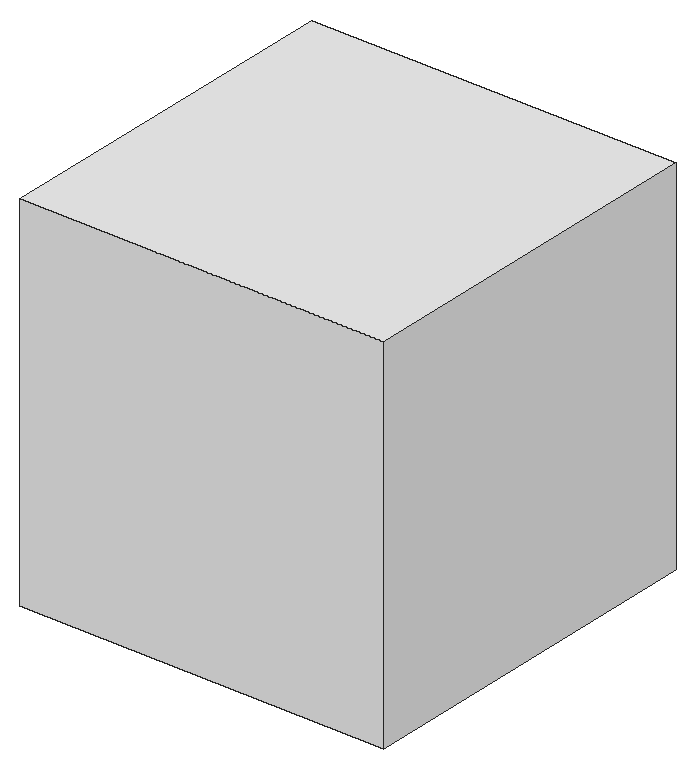
Revit family "Platek_Mini One_Downlight", category Apparecchi per illuminazione, Revit 2017
Family settings
  Quota connettore circolare = Usa diametro
  Tipo di parte = Normale
  Basato su piano di lavoro = No
  Sempre verticale = Sì
  Taglio con vuoti quando caricato = No
  Sorgente d'illuminazione = Sì
  Condiviso = No
  Punto di calcolo locali = No
Parameters (values of type "1011615_7.8W_LED_3000K_Sanblasted glass")
  Wattage = 2.915 W
  Variazione temperatura colore lampada con luminosità attenuata = <Nessuno>
  URL = "www.platek.eu"
  built-in parameter 1150107 = 3000 (stored number, unit not read)
  Supply Voltage Min = 220 V
  Supply Voltage Max = 240 V
  Supply Voltage = 230 V
  Rendi la forma visibile nel rendering = no
  Produttore = "PLATEK SRL"  # constant formula
  Product Page URL = "http://www.platek.eu/ita/catalogo.php?catseaname=1011615"
  Product Documentation Link = "http://www.platek.eu/ita/catalogo.php?catseaname=1011615"
  Product Dimension = "L100mm x L100mm x H100mm"
  Power Supply Unit = "Included"
  built-in parameter 1150110 = 1 (stored number, unit not read)
  built-in parameter 1150109 = 1 (stored number, unit not read)
  built-in parameter 1114218 = 1 (stored number, unit not read)
  built-in parameter 1150112 = 1 (stored number, unit not read)
  PLATEK Article Code = "1011615"
  Nota chiave = "Other Led colors available on request"
  Mounting Type = "Ceiling"
  Modello = "Mini One"  # constant formula
  built-in parameter 1150137 = (empty or 0)
  built-in parameter 1150132 = 2
  Manufacturer Comment = "5mm flat tempreted glass"
  Luminaire Wattage = 7.8 W
  Luminaire Luminous Intensity = 239 cd
  Luminaire Luminous Flux = 433 lm
  Light Source = PLK_Light Source
  Lampada = "LED"
  LED Protection = "Surge protection included"
  built-in parameter 1150105 = 34.457 (stored number, unit not read)
  built-in parameter 1150102 = (empty or 0)
  Insulation Class = "1"
  Immagine tipo = mini_one_1011615.jpg
  built-in parameter 1150106 = 0.34457 (stored number, unit not read)
  IP Rating = "IP65"
  IK Rating = "IK 07"
  Frequency = "0/50/60 Hz"
  Lumens = 433 lm
  Color Filter = 16777215
  File diagramma fotometrico = "1011615.IES"
  built-in parameter 1114217 = 1 (stored number, unit not read)
  built-in parameter 1150139 = (empty or 0)
  Energy Efficiency Rating = "A/A+/A++"
  Emit from Rectangle Length = 85 mm
  Emit from Rectangle Width = 85 mm
  built-in parameter 1150104 = 13.8 (stored number, unit not read)
  built-in parameter 1150115 = 1 (stored number, unit not read)
  built-in parameter 1150114 = 1 (stored number, unit not read)
  built-in parameter 1150113 = 1 (stored number, unit not read)
  Dimmable = "No"
  Diffuse Type = "Glass"
  Descrizione = "Outdoor lighting, downlight, ceiling mounted"
  Commenti sul tipo = "Suitable for restaurants, balconies, terraces"
  Colour Temperature = 3000 K
  built-in parameter 1150134 = (empty or 0)
  built-in parameter 1150138 = (empty or 0)
  Assembly Code = "1011615.06(Grey); 1011615.01(Black); 1011615.08(Anthracite); 1011615.07(Corten); 1011615.09(Bronze);  "
  Apparent Load = 0 VA
  Cable Lenght = "Cable input Ø 1÷13 mm"
  CRI = ">80"
  Body = PLK_06_Grey
  Beam Angle = 80.00°
  Tilt Angle = 90.00°
  built-in parameter 1150133 = 10 (stored number, unit not read)
Reference planes
  plane 1 "Centro (Fronte/Retro)": y = 0
  plane 2: z = 0
  plane 3 "Centro (Sinistra/Destra)": x = 0
  plane 4: z = 0
  plane 5: y = 50
  plane 6: y = -50
  plane 7: y = 35
  plane 8: y = -35
  plane 9: x = 42.458
  plane 10: x = -42.458
  plane 11: x = -49.958
  plane 12: x = 49.958
  plane 13: y = 42.518
  plane 14: y = -42.5
  plane 15: x = -18
  plane 16: x = 18
  plane 17: y = 18
  plane 18: y = -18
  plane 19: z = 100
  plane 20: x = -34.958
  plane 21: x = 34.958
  plane 22: z = 5
  plane 23: z = 36
Forms (mm)
  Extrusion 1, solid, material "PLK_06_Grey" <- "Body", detail levels medium+fine
    sketch origin (0, 0, -383) x (-1, 0, 0) y (0, -1, 0)
      loop
        line (49.958, -50) -> (49.958, 50) -> (-49.958, 50) -> (-49.958, -50) -> (49.958, -50)
    from 383 to 483
  Blend 2, void
    base sketch origin (0, 0, -383) x (-1, 0, 0) y (0, -1, 0)
      loop
        line (18, -18) -> (18, 18) -> (-18, 18) -> (-18, -18) -> (18, -18)
    top sketch origin (0, 0, -383) x (-1, 0, 0) y (0, -1, 0)
      loop
        line (34.958, -35) -> (34.958, 35) -> (-34.958, 35) -> (-34.958, -35) -> (34.958, -35)
    from 419 to 388
  Extrusion 3, void, detail levels medium+fine
    sketch origin (0, 0, -383) x (-1, 0, 0) y (0, -1, 0)
      loop
        line (42.458, -42.518) -> (42.458, 42.5) -> (-42.458, 42.5) -> (-42.458, -42.518) -> (42.458, -42.518)
    from 383 to 388
  Extrusion 4, solid, material "PLK_Light Source" <- "Light Source"
    sketch origin (0, 0, -383) x (-1, 0, 0) y (0, -1, 0)
      loop
        line (42.458, -42.518) -> (42.458, 42.5) -> (-42.458, 42.5) -> (-42.458, -42.518) -> (42.458, -42.518)
    from 383 to 388
  Extrusion 5, solid, material "PLK_06_Grey" <- "Body", detail levels coarse
    sketch origin (0, 0, -383) x (-1, 0, 0) y (0, -1, 0)
      loop
        line (49.958, -50) -> (49.958, 50) -> (-49.958, 50) -> (-49.958, -50) -> (49.958, -50)
    from 383 to 483
Cuts and joins
  Blend 2, Extrusion 3 cuts Extrusion 1
Dimensions and locks
  plane 23 to level = 36 mm
  aligned and locked: level to plane 2
  aligned and locked: imposter light to plane 4
  aligned and locked: level to imposter light
  aligned and locked: Extrusion 1 sketch curve to plane 5
  aligned and locked: plane 11 to Extrusion 1 sketch curve
  aligned and locked: plane 6 to Extrusion 1 sketch curve
  aligned and locked: Extrusion 1 sketch curve to plane 12
  aligned and locked: plane 19 to Extrusion 1
  aligned and locked: Extrusion 1 to plane 4
  aligned and locked: Blend 2 sketch curve to plane 17
  aligned and locked: plane 15 to Blend 2 sketch curve
  aligned and locked: plane 18 to Blend 2 sketch curve
  aligned and locked: Blend 2 sketch curve to plane 16
  aligned and locked: Blend 2 sketch curve to plane 7
  aligned and locked: plane 20 to Blend 2 sketch curve
  aligned and locked: plane 8 to Blend 2 sketch curve
  aligned and locked: Blend 2 sketch curve to plane 21
  aligned and locked: plane 23 to Blend 2
  aligned and locked: Blend 2 to plane 22
  aligned and locked: Extrusion 3 sketch curve to plane 13
  aligned and locked: plane 10 to Extrusion 3 sketch curve
  aligned and locked: plane 14 to Extrusion 3 sketch curve
  aligned and locked: Extrusion 3 sketch curve to plane 9
  aligned and locked: plane 22 to Extrusion 3
  aligned and locked: Extrusion 3 to plane 4
  aligned and locked: Extrusion 4 sketch curve to cut or joined group of Extrusion 1, Blend 2, Extrusion 3  (x4)
  aligned and locked: plane 22 to Extrusion 4
  aligned and locked: Extrusion 4 to plane 4
  aligned and locked: Extrusion 5 sketch curve to cut or joined group of Extrusion 1, Blend 2, Extrusion 3  (x4)
  aligned and locked: Extrusion 5 to plane 4
  aligned and locked: plane 19 to Extrusion 5
Connectors
  electrical at (0, 0, 100)
    settings: on Extrusion 5, index 1, voltage 0 V, apparent load 0 VA, apparent load phase1 0 VA, apparent load phase2 0 VA, apparent load phase3 0 VA, power factor 1, load classification "Altro", number of poles 1, system type 31, power factor state 1, is connector primary yes, connector utility no, sub classification motor no, connector description ""
